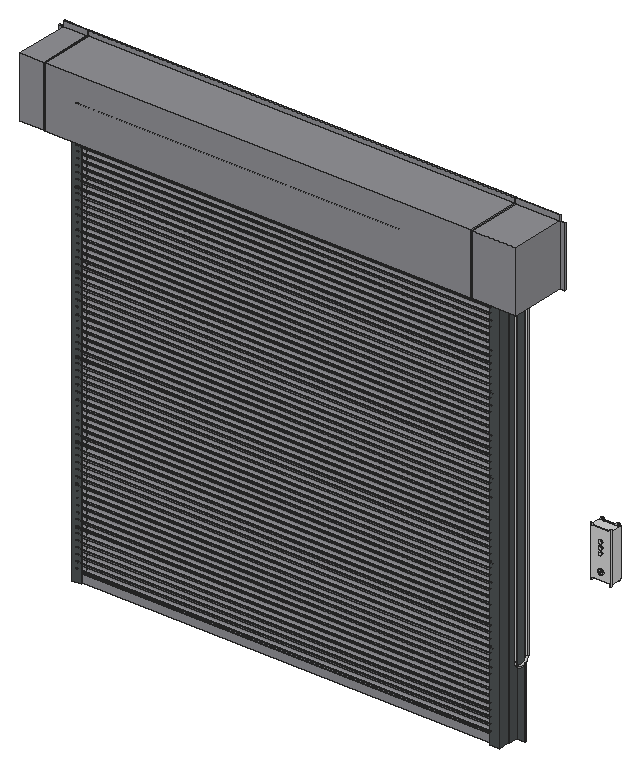
Revit family "EverServe-HD-Springless-Service-Doors_OHD_Model-610S_compact", category Specialty Equipment, host Wall, Revit 2023
Family settings
  Host = Wall
  Round Connector Dimension = Use Diameter
  Part Type = Normal
  OmniClass Number = 23.30.10.21.34
  OmniClass Title = Industrial Doors
  Enable Cutting in Views = No
  Always vertical = Yes
  Cut with Voids When Loaded = Yes
  Maintain Annotation Orientation = No
  Shared = No
  Room Calculation Point = No
Parameters (values of type "208 volts, one phase, 60 Hz (208-240V range)")
  Warning Sign [instance] = if(Calculated Area > 683.00 SF, 1 = 1, 1 = 2)  # no
  Warning (Note) [instance] = if(Warning Sign, "The Door Area is out of the limit; please adjust accordingly. The maximum allowed area is 683 sq. ft.", if(Opening Height > 360", "Headroom Clearance Dimensions - out of the limits. Consult Factory", " "))  # " "
  Wall Thickness [instance] = 6"
  Voltage = 208 V
  Version = "1.00.01"  # constant formula
  True Opening Width [instance] = Clear Width  # 120"
  True Opening Height [instance] = Clear Height  # 120"
  Slat Type [instance] = if(Slat Option < 2, "C-187", if(Slat Option = 2, "C-275", "F-265"))  # "C-187"
  Slat Option [instance] = 1
  Slat Length [instance] = Clear Width + G Value * 2 - 1" / 2 * 2  # 126"
  Slat Height [instance] = if(Slat < 2, 11 9/32", if(Slat = 2, 13 3/4", 13 19/128"))  # 11 9/32"
  Slat [instance] = if(Slat Option < 2, 1, if(Slat Option = 2, 2, 3))  # 1
  Product Page URL = "https://www.overheaddoor.com/rolling-steel-service-doors-610S"
  Power Factor = 1
  Powder Coat (Note) = "PowderGuard® Premium powder coat finish options are available in approximately 200 colors as well as custom matching to specification. PowderGuard® Textured finish, a thicker, more scratch resistant coat, is available in 11 colors providing enhanced scratch resistance as well as aiding in hiding the dirt and blemishes that often occur in commercial environments.​"  # constant formula
  Opening Width Real [instance] = if(Opening Width > Max Opening Width, Max Opening Width, if(Opening Width < Min Opening Width, Min Opening Width, Opening Width))  # 120"
  Opening Width [instance] = 120"
  Opening Height Real [instance] = if(Opening Height > Max Opening Height, Max Opening Height, if(Opening Height < Min Opening Height, Min Opening Height, Opening Height))  # 120"
  Opening Height [instance] = 120"
  One Array element [instance] = not(Array Vis)  # no
  Number of Poles = 1
  Motor Position [instance] = M Value - G Value  # 2 3/4"
  Min Opening Width [instance] = 18"  # constant formula
  Min Opening Height [instance] = 24"  # constant formula
  Max Opening Width [instance] = 360"  # constant formula
  Max Opening Height [instance] = 240"  # constant formula
  Material Finish (Note) [instance] = "Perforation availible for F-265, C-275 Slat profile. Fenestration 5/8\"x3\" availible for C-275, F-265 Slat profile. Fenestration 1\"x10\" availible for F-265 Slat profile."  # constant formula
  Material Finish [instance] = 610S : Standard - Gray
  M Value [instance] = if(or(Opening Width < 108", Opening Width = 108"), 5 3/4", if(or(Opening Width < 180", Opening Width = 180"), 6 1/4", if(or(Opening Width < 240", Opening Width = 240"), 7 1/4", 9 1/4")))  # 6 1/4"
  Installation Real [instance] = Wall Thickness  # 6"
  Hood Type [instance] = "Square Hood"  # constant formula
  Hood Offset [instance] = 4"  # constant formula
  Hood Material [instance] = Metal - Overhead Door - Gray
  Hood Height [instance] = A Value + 2"  # 18"
  Headroom Height Real [instance] = Hood Offset + Hood Height  # 22"
  Headroom Height [instance] = Headroom Height Real + 1 1/2"  # 23 1/2"
  HC 4 [instance] = if(or(Clear Height < 84", Clear Height = 84"), 16", if(or(Clear Height < 132", Clear Height = 132"), 18", if(or(Clear Height < 192", Clear Height = 192"), 20", 22")))  # 18"
  HC 3 [instance] = if(or(Clear Height < 108", Clear Height = 108"), 16", if(or(Clear Height < 168", Clear Height = 168"), 18", 20"))  # 18"
  HC 2 [instance] = if(or(Clear Height < 60", Clear Height = 60"), 14", if(or(Clear Height < 120", Clear Height = 120"), 16", if(or(Clear Height < 180", Clear Height = 180"), 18", 20")))  # 16"
  HC 1 [instance] = if(or(Clear Height < 96", Clear Height = 96"), 14", if(or(Clear Height < 168", Clear Height = 168"), 16", 18"))  # 16"
  Guide Type [instance] = "Angled Z Guide"  # constant formula
  Guid Depth [instance] = D Value  # 6 1/4"
  G Value [instance] = if(or(Opening Width < 108", Opening Width = 108"), 3", if(or(Opening Width < 180", Opening Width = 180"), 3 1/2", if(or(Opening Width < 240", Opening Width = 240"), 4", 5 9/16")))  # 3 1/2"
  Frequency = 60 Hz
  Face of Wall Offset [instance] = 5"  # constant formula
  Door Width True [instance] = Clear Width + M Value * 2  # 132 1/2"
  Door Width (Real) [instance] = Clear Width + 1"  # 121"
  Door Height True [instance] = Clear Width + Headroom Height  # 143 1/2"
  Door Height (Real) [instance] = Clear Height + Hood Offset  # 124"
  URL = "https://www.overheaddoor.com/"
  Product data url = "https://www.bimobject.com/overhead-door/product/everserve-hd-springless-service-doors-610S"
  Product Guid = "91f23364-070f-47d8-95c2-9245370eaec4"
  Model = "610S"  # constant formula
  Manufacturer = "Overhead Door Corporation"  # constant formula
  Wall Closure = By host
  Floor To (CL) of Shaft [instance] = Clear Height + Hood Height / 2 + Hood Offset  # 133"
  Finish Material = Finish - Overhead Door - Black
  Description = "Everserve Model 610S Springless service door"  # constant formula
  Default Elevation = 0"
  Date Updated = "2026/05/29"  # constant formula
  D Value [instance] = if(or(Opening Width < 108", Opening Width = 108"), 5 11/16", if(or(Opening Width < 180", Opening Width = 180"), 6 1/4", if(or(Opening Width < 240", Opening Width = 240"), 6 3/16", 7 1/16")))  # 6 1/4"
  Clear Width [instance] = Opening Width Real  # 120"
  Clear Height [instance] = Opening Height Real  # 120"
  Current = 20 A
  BimObject_Variable_Connectors = "No"  # constant formula
  Backroom Depth [instance] = A Value + 1/2"  # 16 1/2"
  BJ Displacement Real [instance] = 0"  # constant formula
  Array Vis [instance] = if(Array < 2, 1 = 2, 1 = 1)  # yes
  Array Real [instance] = if(Array < 2, 2, Array)  # 11
  Array Length [instance] = (Array) * Slat Height  # 124 3/32"
  Array [instance] = rounddown(([Door Height (Real)] - 3") / Slat Height) + 1  # 11
  Calculated Area [instance] = [Door Width (Real)] * [Door Height (Real)]  # 104.194 SF
  Apparent Load Phase 3 = if(Number of Poles = 1, 0 VA, (Voltage * Current * sqrt(3)) / 3)  # 0 VA
  Apparent Load Phase 2 = if(Number of Poles = 1, 0 VA, (Voltage * Current * sqrt(3)) / 3)  # 0 VA
  Apparent Load Phase 1 = if(Number of Poles = 1, Voltage * Current, (Voltage * Current * sqrt(3)) / 3)  # 4160 VA
  A Value [instance] = if(Slat = 1, HC 1, if(Slat = 2, HC 2, HC 3))  # 16"
Reference planes (in)
  plane 1 "Center (Front/Back)": y = -14.625
  plane 2 "Center (Left/Right)": x = 0
  plane 3 "Left": x = -60
  plane 4 "Right": x = 60
  plane 5 "Exterior": y = -8.625
  plane 6 "Interior": y = -14.625
  plane 7: x = 66.25
  plane 8: x = -66.25
  plane 9: z = 120
  plane 10 "Main": y = -20.23437
  plane 11 "Backroom Depth": y = -32.125
  plane 12 "Main Door Block": y = -15.625
  plane 13 "Bottom Bar": z = 2.75
  plane 14: y = -20.875
  plane 15: z = 126.84375
  plane 16: z = 142
  plane 17: z = 124
  plane 18: z = 143.5
  plane 19: z = 0
  plane 20: z = 60
  plane 21: y = -20.0625
  plane 22: y = 18.375
  plane 23: y = -41.625
  plane 24 "Double Main": y = -19.656
  plane 25 "Headroom Top": z = 143.5
  plane 26: z = 133
  plane 27: x = 63.5
  plane 28: x = -63.5
  plane 29: z = 115.5625
Forms (in)
  Extrusion 1, void
    sketch origin (0, -15.625, 0) x (0, 0, -1) y (-1, 0, 0)
      loop
        line (-120, 60) -> (-120, -60) -> (0, -60) -> (0, 60) -> (-120, 60)
    from 1 to 7
Text (in)
  text "Exterior" at (-74.96733, 27.31104, 0), in view "Ref. Level"
  text "Interior" at (-74.96733, -25.14366, 0), in view "Ref. Level"
  text "Exterior" at (0, 40.15149, 123.01588), in view "Right"
  text "Interior" at (0, -64.39139, 123.01588), in view "Right"
  text "Interior" at (0, -31.01599, 123.00693), in view "Left"
  text "Exterior" at (0, 54.57065, 123.00693), in view "Left"
Dimensions and locks (in)
  equal spacing: plane 3 "Left", plane 2 "Center (Left/Right)", plane 4 "Right"
  "Clear Width": plane 3 "Left" to plane 4 "Right"
  level to host wall = 459.59655"
  "Clear Height": level to plane 9
  plane 7 to plane 8 = 132 1/2"
  equal spacing: plane 7, plane 2 "Center (Left/Right)", plane 8
  locked: plane 13 "Bottom Bar" to level at 2.75
  "Door Width True": plane 7 to plane 8
  locked: plane 14 to plane 10 "Main" at 0.64063
  "Array Length": plane 15 to plane 13 "Bottom Bar"
  "Backroom Depth": plane 11 "Backroom Depth" to plane 12 "Main Door Block"
  "Hood Height": plane 16 to plane 17
  locked: plane 18 to plane 16 at 1.5
  "Installation Real": plane 1 "Center (Front/Back)" to plane 5 "Exterior"
  "Wall Thickness": host wall to host wall
  equal spacing: plane 9, plane 20, plane 19
  locked: plane 10 "Main" to plane 21 at 0.17187
  equal spacing: plane 22, host wall, plane 23
  locked: plane 22 to plane 23 at 60
  locked: plane 10 "Main" to plane 24 "Double Main" at 0.57837
  "Hood Offset": plane 17 to plane 9
  "Headroom Height": plane 25 "Headroom Top" to plane 9
  "Floor To (CL) of Shaft": plane 26 to level
  "Motor Position": plane 7 to plane 27
  "Motor Position": plane 28 to plane 8
  "Guid Depth": plane 14 to plane 1 "Center (Front/Back)"
  "Slat Height": plane 15 to plane 29
  equal spacing: group 2, group 11, group 10, group 9, group 8, group 7, group 6, group 5, group 4, group 3, group 1
  equal spacing: group 1, group 3, group 4, group 5, group 6, group 7, group 8, group 9, group 10, group 11, group 2  (x2)
  aligned and locked: plane 5 "Exterior" to host wall
  aligned and locked: host wall to plane 6 "Interior"
  aligned and locked: level to Extrusion 1 sketch curve
  aligned and locked: Extrusion 1 to plane 5 "Exterior"
  aligned and locked: plane 6 "Interior" to Extrusion 1
  aligned and locked: nested 1 to plane 2 "Center (Left/Right)"
  aligned and locked: nested 1 to level
  aligned and locked: level to plane 19
  aligned and locked: nested 1 to plane 1 "Center (Front/Back)"
  aligned and locked: plane 2 "Center (Left/Right)" to nested 2
  aligned and locked: nested 2 to plane 22
  aligned and locked: plane 23 to nested 3
  aligned and locked: nested 3 to plane 2 "Center (Left/Right)"
  aligned and locked: nested 4 to plane 20
  aligned and locked: plane 2 "Center (Left/Right)" to nested 4
  aligned and locked: plane 13 "Bottom Bar" to nested 5
  aligned and locked: plane 29 to nested 7
  aligned and locked: nested 7 to plane 21
  aligned and locked: plane 21 to nested 5
  aligned and locked: plane 13 "Bottom Bar" to nested 6
  aligned and locked: plane 21 to nested 6
  aligned and locked: nested 4 to plane 21
  aligned and locked: plane 4 "Right" to Extrusion 1 sketch curve
  aligned and locked: plane 3 "Left" to Extrusion 1 sketch curve
  aligned and locked: Extrusion 1 sketch curve to plane 9
Nested families (in)
  nested 1: "Lifts" at (0, -14.625, 0), type "Frame Unit"
    with Square Hood yes, Round Hood no, Right Motor Position yes, Octagon Hood no, No Hood no, M Value 6 1/4", Hood Offset 4", Headroom Height Real 22", G Value 3 1/2", Headroom Height 22", Guide Offset 3 1/2", Guide Z Wide 2 3/4", Floor To (CL) of Shaft 133", D Value 6 1/4"
  nested 2: "Label Annotation 1" at (0, 18.375, 0), visible <- "Warning Sign", type "Label Annotation 1"
  nested 3: "Label Annotation 1" at (0, -41.625, 0) x (-1, 0, 0) z (0, 0, 1), visible <- "Warning Sign", type "Label Annotation 1"
  nested 4: "Warning Sign" at (0, -20.0625, 60), visible <- "Warning Sign", type "Warning Sign"
    with Warning Sign no
  nested 5: "610S" at (0, -20.0625, 2.75), Slat Option <- "Slat Option", Opening Width <- "Slat Length", type <- "Material Finish", visible <- "Array Vis", type "Standard - Gray"
    with Void Offset 1", Void Height 1", Slat Width 0.53", Slat Position + Offset 12.174", Slat Position 11.28", Slat Option 1, Opening Width 126", Integrated Cutout no, F 265, FE 265 no, Cutout Width Offset 1", Cutout Vertical Offset 0.894", Cutout Horizontal Offset 1", C 275 no, C 187 Standard yes
  nested 6: "610S" at (0, -20.0625, 2.75), visible <- "One Array element", Slat Option <- "Slat Option", Opening Width <- "Slat Length", type <- "Material Finish", type "Standard - Gray"
    with Void Offset 1", Void Height 1", Slat Width 0.53", Slat Position + Offset 12.174", Slat Position 11.28", Slat Option 1, Opening Width 126", Integrated Cutout no, F 265, FE 265 no, Cutout Width Offset 1", Cutout Vertical Offset 0.894", Cutout Horizontal Offset 1", C 275 no, C 187 Standard yes
  nested 7: "610S" at (0, -20.0625, 115.5625), Slat Option <- "Slat Option", Opening Width <- "Slat Length", type <- "Material Finish", visible <- "Array Vis", type "Standard - Gray"
    with Void Offset 1", Void Height 1", Slat Width 0.53", Slat Position + Offset 12.174", Slat Position 11.28", Slat Option 1, Opening Width 126", Integrated Cutout no, F 265, FE 265 no, Cutout Width Offset 1", Cutout Vertical Offset 0.894", Cutout Horizontal Offset 1", C 275 no, C 187 Standard yes
  nested 8: "610S" at (0, -20.0625, 14.03125), Slat Option <- "Slat Option", Opening Width <- "Slat Length", type <- "Material Finish", visible <- "Array Vis", type "Standard - Gray"
    with Void Offset 1", Void Height 1", Slat Width 0.53", Slat Position + Offset 12.174", Slat Position 11.28", Slat Option 1, Opening Width 126", Integrated Cutout no, F 265, FE 265 no, Cutout Width Offset 1", Cutout Vertical Offset 0.894", Cutout Horizontal Offset 1", C 275 no, C 187 Standard yes
  nested 9: "610S" at (0, -20.0625, 25.3125), Slat Option <- "Slat Option", Opening Width <- "Slat Length", type <- "Material Finish", visible <- "Array Vis", type "Standard - Gray"
    with Void Offset 1", Void Height 1", Slat Width 0.53", Slat Position + Offset 12.174", Slat Position 11.28", Slat Option 1, Opening Width 126", Integrated Cutout no, F 265, FE 265 no, Cutout Width Offset 1", Cutout Vertical Offset 0.894", Cutout Horizontal Offset 1", C 275 no, C 187 Standard yes
  nested 10: "610S" at (0, -20.0625, 36.59375), Slat Option <- "Slat Option", Opening Width <- "Slat Length", type <- "Material Finish", visible <- "Array Vis", type "Standard - Gray"
    with Void Offset 1", Void Height 1", Slat Width 0.53", Slat Position + Offset 12.174", Slat Position 11.28", Slat Option 1, Opening Width 126", Integrated Cutout no, F 265, FE 265 no, Cutout Width Offset 1", Cutout Vertical Offset 0.894", Cutout Horizontal Offset 1", C 275 no, C 187 Standard yes
  nested 11: "610S" at (0, -20.0625, 47.875), Slat Option <- "Slat Option", Opening Width <- "Slat Length", type <- "Material Finish", visible <- "Array Vis", type "Standard - Gray"
    with Void Offset 1", Void Height 1", Slat Width 0.53", Slat Position + Offset 12.174", Slat Position 11.28", Slat Option 1, Opening Width 126", Integrated Cutout no, F 265, FE 265 no, Cutout Width Offset 1", Cutout Vertical Offset 0.894", Cutout Horizontal Offset 1", C 275 no, C 187 Standard yes
  nested 12: "610S" at (0, -20.0625, 59.15625), Slat Option <- "Slat Option", Opening Width <- "Slat Length", type <- "Material Finish", visible <- "Array Vis", type "Standard - Gray"
    with Void Offset 1", Void Height 1", Slat Width 0.53", Slat Position + Offset 12.174", Slat Position 11.28", Slat Option 1, Opening Width 126", Integrated Cutout no, F 265, FE 265 no, Cutout Width Offset 1", Cutout Vertical Offset 0.894", Cutout Horizontal Offset 1", C 275 no, C 187 Standard yes
  nested 13: "610S" at (0, -20.0625, 70.4375), Slat Option <- "Slat Option", Opening Width <- "Slat Length", type <- "Material Finish", visible <- "Array Vis", type "Standard - Gray"
    with Void Offset 1", Void Height 1", Slat Width 0.53", Slat Position + Offset 12.174", Slat Position 11.28", Slat Option 1, Opening Width 126", Integrated Cutout no, F 265, FE 265 no, Cutout Width Offset 1", Cutout Vertical Offset 0.894", Cutout Horizontal Offset 1", C 275 no, C 187 Standard yes
  nested 14: "610S" at (0, -20.0625, 81.71875), Slat Option <- "Slat Option", Opening Width <- "Slat Length", type <- "Material Finish", visible <- "Array Vis", type "Standard - Gray"
    with Void Offset 1", Void Height 1", Slat Width 0.53", Slat Position + Offset 12.174", Slat Position 11.28", Slat Option 1, Opening Width 126", Integrated Cutout no, F 265, FE 265 no, Cutout Width Offset 1", Cutout Vertical Offset 0.894", Cutout Horizontal Offset 1", C 275 no, C 187 Standard yes
  nested 15: "610S" at (0, -20.0625, 93), Slat Option <- "Slat Option", Opening Width <- "Slat Length", type <- "Material Finish", visible <- "Array Vis", type "Standard - Gray"
    with Void Offset 1", Void Height 1", Slat Width 0.53", Slat Position + Offset 12.174", Slat Position 11.28", Slat Option 1, Opening Width 126", Integrated Cutout no, F 265, FE 265 no, Cutout Width Offset 1", Cutout Vertical Offset 0.894", Cutout Horizontal Offset 1", C 275 no, C 187 Standard yes
  nested 16: "610S" at (0, -20.0625, 104.28125), Slat Option <- "Slat Option", Opening Width <- "Slat Length", type <- "Material Finish", visible <- "Array Vis", type "Standard - Gray"
    with Void Offset 1", Void Height 1", Slat Width 0.53", Slat Position + Offset 12.174", Slat Position 11.28", Slat Option 1, Opening Width 126", Integrated Cutout no, F 265, FE 265 no, Cutout Width Offset 1", Cutout Vertical Offset 0.894", Cutout Horizontal Offset 1", C 275 no, C 187 Standard yes
Connectors (in)
  electrical at (91.25, -17.915, 60), driven by "Apparent Load Phase 1", driven by "Apparent Load Phase 2", driven by "Apparent Load Phase 3", driven by "Power Factor", driven by "Voltage", driven by "Number of Poles"
    settings: on nested 1, index 1, voltage 208 V, apparent load 0 VA, apparent load phase1 4160 VA, apparent load phase2 0 VA, apparent load phase3 0 VA, power factor 1, load classification "Other", number of poles 1, system type 31, power factor state 1, is connector primary yes, connector utility no, sub classification motor no, connector description "Electrical Connector"
Definition of nested family "Lifts"
  Parameters (values of type "Frame Unit")
    True Width = if(Between Jambs, Opening Width, Opening Width + 1/2")  # 120 1/2"
    Square Hood [instance] = if(Hood Option = 2, 1 = 1, 1 = 2)  # yes
    Slat Option = 1
    Round Hood [instance] = if(Hood Option > 3, 1 = 1, 1 = 2)  # no
    Rough Width = 0"
    Rough Height = 0"
    Right Motor Position [instance] = yes
    Octagon Hood [instance] = if(Hood Option = 3, 1 = 1, 1 = 2)  # no
    No Hood [instance] = if(Hood Option < 2, 1 = 1, 1 = 2)  # no
    M Value = 7 1/2"
    Hood Type = if(Hood Option < 2, "No Hood", if(Hood Option = 2, "Square Hood", if(Hood Option = 3, "Octagon Hood", "Round Hood")))  # "Square Hood"
    Hood Option = 2
    Hood Offset = 3"
    Hood Height = Headroom Height Real - Hood Offset  # 18"
    Headroom Height Real = Headroom Height  # 21"
    Half Octagon Side = 3.41726"
    Half Hood Height = Headroom Height - Hood Offset  # 18"
    G Value = 4 1/2"
    E Guide Width = if(Between Jambs, Guide Offset - G Value + BJ Connection Length - BJ Displacement * 2 / 3, 3")  # 3"
    E Guide Height = 3"  # constant formula
    Z Guide = 1 = 1  # yes
    Slat Material = none
    Shaft Offset = if(Hood Height < Header Width, (Header Width - (Header Width - Hood Height)) / 2, Header Width / 2)  # 8 1/4"
    Shaft Material = none
    Shaft Length 2 = 18"  # constant formula
    Shaft Length 1 = 12"  # constant formula
    Setback = if(Between Jambs, 0", 1/2")  # 1/2"
    Opening Width = 120"
    Hood Material = none
    Headroom Height = 21"
    Header Width = 16 1/2"
    Opening Height = 120"
    Guide Type = if(Between Jambs, "Angled Between Jambs Z Guide", if(Guide Option > 1, "Angled Z Guide", "Angled E Guide"))  # "Angled Z Guide"
    Guide Option = if(Between Jambs, 1, 2)  # 2
    Guide Offset = BJ Displacement + G Value  # 4 1/2"
    Guide Z Wide = if(Between Jambs, Guide Offset - G Value + BJ Connection Length - BJ Displacement * 2 / 3, M Value - G Value)  # 3"
    Guide Z Height = 3"  # constant formula
    Floor To (CL) of Shaft = 132"
    Finish Material = none
    Face to Wall Mount = not(Between Jambs)  # yes
    E Guide = if(Between Jambs, 1 = 1, 1 = 2)  # no
    Default Elevation = 0"
    D Value = 5 3/16"
    Chain offset = if(Opening Height < 35", Opening Height - 5", 30")  # 30"
    Between Jambs = no
    BJ Position = if(Between Jambs, 1/4", 0")  # 0"
    BJ Displacement = 0"
    BJ Connection Length = 1 / 3 * BJ Displacement  # 0"
    Angled Guide = 1 = 1  # yes
    1 = 14.57"
  Reference planes (in)
    plane 1 "Center (Front/Back)": y = 0
    plane 2: z = 0
    plane 3 "Center (Left/Right)": x = 0
    plane 4 "Opening Height": z = 120
    plane 5: x = -72
    plane 6: x = 78
    plane 7: z = 141
    plane 8: y = 16.5
    plane 9 "Real Opening 2": x = -60
    plane 10 "Real Opening 1": x = 60
    plane 11: z = 123
    plane 12 "Main": y = 0
    plane 13: z = 132
    plane 14: x = 64.5
    plane 15: x = -64.5
    plane 16: x = -64.5
    plane 17: x = 64.5
    plane 18: y = 5.1875
    plane 19: x = -64.25
    plane 20: x = 64.25
    plane 21: z = 142.5
    plane 22: y = 5.1875
    plane 23: y = 4.0625
    plane 24: y = 5.1875
    plane 25: y = 4.0625
    plane 26: y = 0.25
    plane 27: z = 123
    plane 28: z = 30
    plane 29: z = 0
    plane 30: x = 74
    plane 31: x = 92.25
    plane 32: z = 60
    plane 33: x = 89.2
    plane 34: x = 95.3
    plane 35: y = 3.54
    plane 36: x = 76.25
    plane 37: x = -70.25
  Forms (in)
    Extrusion 1, solid, material <- "Slat Material"
      sketch origin (0, 0, 0) x (0, 1, 0) y (0, 0, 1)
        loop
          line (4.375, 2.375) -> (4.375, 2.75) -> (3.75, 2.75) -> (3.75, 2.375) -> (4.375, 2.375)
      from -64.25 to 64.25
    Extrusion 2, solid, material <- "Slat Material"
      sketch origin (0, 0, 0) x (0, 1, 0) y (0, 0, 1)
        loop
          line (4.375, 2.375) -> (3.75, 2.375) -> (3.75, 0) -> (4.375, 0) -> (4.375, 2.375)
      from -64.25 to 64.25
    Extrusion 3, solid, material <- "Shaft Material"
      sketch origin (0, -5.35201, 0) x (0, 1, 0) y (0, 0, 1)
        loop
          circle (13.60201, 132) r 0.6
      from -70.25 to 76.25
    Extrusion 4, solid, material <- "Hood Material", visible <- "Square Hood"
      sketch origin (0, 0, 0) x (0, 1, 0) y (0, 0, 1)
        loop
          line (0, 123) -> (16.5, 123) -> (16.5, 142.5) -> (0, 142.5) -> (0, 123)
      from -64.25 to 64.25
    Extrusion 5, solid, material <- "Finish Material", visible <- "E Guide"
      sketch origin (0, 0, 0) x (1, 0, 0) y (0, 1, 0)
        loop
          line (61.5, 0) -> (64.5, 0) -> (64.5, 3) -> (64.4375, 3)
          arc (64.4375, 3) -> (64.30492, 2.94508) -> (64.25, 2.8125) r 0.1875
          line (64.25, 2.8125) -> (64.25, 0.25) -> (61.6875, 0.25)
          arc (61.6875, 0.25) -> (61.55492, 0.19508) -> (61.5, 0.0625) r 0.1875
          line (61.5, 0.0625) -> (61.5, 0)
        loop
          line (-61.5, 0) -> (-61.5, 0.0625)
          arc (-61.5, 0.0625) -> (-61.55492, 0.19508) -> (-61.6875, 0.25) r 0.1875
          line (-61.6875, 0.25) -> (-64.25, 0.25) -> (-64.25, 2.8125)
          arc (-64.25, 2.8125) -> (-64.30492, 2.94508) -> (-64.4375, 3) r 0.1875
          line (-64.4375, 3) -> (-64.5, 3) -> (-64.5, 0) -> (-61.5, 0)
      from 0 to 123
    Extrusion 6, solid, material <- "Finish Material", visible <- "Z Guide"
      sketch origin (0, 0, 0) x (1, 0, 0) y (0, 1, 0)
        loop
          line (67.5, 0) -> (67.5, 0.062)
          arc (67.5, 0.062) -> (67.44494, 0.19494) -> (67.312, 0.25) r 0.188
          line (67.312, 0.25) -> (64.75, 0.25) -> (64.75, 2.812)
          arc (64.75, 2.812) -> (64.69494, 2.94494) -> (64.562, 3) r 0.188
          line (64.562, 3) -> (64.5, 3) -> (64.5, 0) -> (67.5, 0)
        loop
          line (-67.5, 0) -> (-64.5, 0) -> (-64.5, 3) -> (-64.562, 3)
          arc (-64.562, 3) -> (-64.69494, 2.94494) -> (-64.75, 2.812) r 0.188
          line (-64.75, 2.812) -> (-64.75, 0.25) -> (-67.312, 0.25)
          arc (-67.312, 0.25) -> (-67.44494, 0.19494) -> (-67.5, 0.062) r 0.188
          line (-67.5, 0.062) -> (-67.5, 0)
      from 0 to 123
    Extrusion 7, solid, material <- "Finish Material", visible <- "Angled Guide"
      sketch origin (0, 0, 0) x (1, 0, 0) y (0, 1, 0)
        loop
          line (60.5, 5.1875) -> (60.5, 5.1245)
          arc (60.5, 5.1245) -> (60.55477, 4.99227) -> (60.687, 4.9375) r 0.187
          line (60.687, 4.9375) -> (64.25, 4.9375) -> (64.25, 3.1875) -> (60.5, 3.1875) -> (60.5, 3.1245)
          arc (60.5, 3.1245) -> (60.55477, 2.99227) -> (60.687, 2.9375) r 0.187
          line (60.687, 2.9375) -> (64, 2.9375) -> (64, 1.25) -> (64.25, 1.25) -> (64.25, 0.9375) -> (64.5, 0.9375) -> (64.5, 5.1875) -> (60.5, 5.1875)
        loop
          line (-60.5, 5.1875) -> (-64.5, 5.1875) -> (-64.5, 0.9375) -> (-64.25, 0.9375) -> (-64.25, 1.25) -> (-64, 1.25) -> (-64, 2.9375) -> (-60.687, 2.9375)
          arc (-60.687, 2.9375) -> (-60.55477, 2.99227) -> (-60.5, 3.1245) r 0.187
          line (-60.5, 3.1245) -> (-60.5, 3.1875) -> (-64.25, 3.1875) -> (-64.25, 4.9375) -> (-60.687, 4.9375)
          arc (-60.687, 4.9375) -> (-60.55477, 4.99227) -> (-60.5, 5.1245) r 0.187
          line (-60.5, 5.1245) -> (-60.5, 5.1875)
      from 0 to 123
    Extrusion 8, solid, material <- "Hood Material"
      sketch origin (0, 0, 0) x (-1, 0, 0) y (0, 0, 1)
        loop
          line (64.25, 123) -> (64.5, 123) -> (64.5, 141) -> (64.25, 141) -> (64.25, 123)
        loop
          line (-64.5, 123) -> (-64.25, 123) -> (-64.25, 141) -> (-64.5, 141) -> (-64.5, 123)
      from 0 to 16.5
    Extrusion 9, solid, material <- "Hood Material"
      sketch origin (0, 0, 0) x (1, 0, 0) y (0, 1, 0)
        loop
          line (-72, 0) -> (-64.5, 0) -> (-64.5, 16.5) -> (-72, 16.5) -> (-72, 0)
        loop
          line (78, 0) -> (78, 16.5) -> (64.5, 16.5) -> (64.5, 0) -> (78, 0)
      from 123 to 142.5
    Extrusion 10, void
      sketch origin (0, 0, 0) x (1, 0, 0) y (0, 0, 1)
        loop
          line (-72, 142.5) -> (-72, 123) -> (-70.5, 123) -> (-70.5, 141) -> (76.5, 141) -> (76.5, 120) -> (78, 120) -> (78, 142.5) -> (-72, 142.5)
      from -0.25 to -16.5
    Extrusion 11, void
      sketch origin (0, 0, 0) x (1, 0, 0) y (0, 0, 1)
        loop
          line (-72, 141) -> (-70.5, 141) -> (-70.5, 142.5) -> (-72, 142.5) -> (-72, 141)
        loop
          line (78, 141) -> (78, 142.5) -> (76.5, 142.5) -> (76.5, 141) -> (78, 141)
      from 0 to -0.25
    Sweep 12, solid
      path origin (74, -12.75, 1000) x (0, -1, 0) y (0, 0, 1)
        loop
          line (-26.53866, -877) -> (-26.53866, -970)
          arc (-26.53866, -970) -> (-24.10116, -972.4375) -> (-21.66366, -970) r 2.4375
          line (-21.66366, -970) -> (-21.66366, -877)
      profile origin (74, 13.78866, 76.5) x (-1, 0, 0) y (0, -1, 0)
        loop
          circle (0, 0.2675) r 0.2675
    Extrusion 13, solid
      sketch origin (92.25, 0, 60) x (1, 0, 0) y (0, 0, 1)
        loop
          line (-3.05, 6.9501) -> (-3.05, -6.9501) -> (-2.68608, -7.50057)
          arc (-2.68608, -7.50057) -> (-2.29289, -7.67009) -> (-1.98022, -7.37757) r 0.3909
          arc (-1.98022, -7.37757) -> (-1.82768, -7.14063) -> (-1.56135, -7.04853) r 0.43113
          line (-1.56135, -7.04853) -> (1.56135, -7.04853)
          arc (1.56135, -7.04853) -> (1.82768, -7.14063) -> (1.98022, -7.37757) r 0.43113
          arc (1.98022, -7.37757) -> (2.29289, -7.67009) -> (2.68608, -7.50057) r 0.3909
          line (2.68608, -7.50057) -> (3.05, -6.9501) -> (3.05, 6.9501) -> (2.68608, 7.50057)
          arc (2.68608, 7.50057) -> (2.29289, 7.67009) -> (1.98022, 7.37757) r 0.3909
          arc (1.98022, 7.37757) -> (1.82768, 7.14063) -> (1.56135, 7.04853) r 0.43113
          line (1.56135, 7.04853) -> (-1.56135, 7.04853)
          arc (-1.56135, 7.04853) -> (-1.82768, 7.14063) -> (-1.98022, 7.37757) r 0.43113
          arc (-1.98022, 7.37757) -> (-2.29289, 7.67009) -> (-2.68608, 7.50057) r 0.3909
          line (-2.68608, 7.50057) -> (-3.05, 6.9501)
      from 0 to -3.29
    Extrusion 14, solid
      sketch origin (92.25, 0, 60) x (1, 0, 0) y (0, 0, 1)
        loop
          line (3.05, -7.50057) -> (3.05, 7.50057) -> (2.68608, 7.50057) -> (2.68608, 6.9501) -> (-2.68608, 6.9501) -> (-2.68608, 7.50057) -> (-3.05, 7.50057) -> (-3.05, -7.50057) -> (-2.68608, -7.50057) -> (-2.68608, -6.9501) -> (2.68608, -6.9501) -> (2.68608, -7.50057) -> (3.05, -7.50057)
      from -3.54 to -3.29
    Extrusion 15, void
      sketch origin (101.25, 0, 60) x (0, -1, 0) y (0, 0, -1)
        loop
          line (-3.29, -7.6759) -> (-0.25, -7.6759) -> (-0.25, -6.9501) -> (-3.29, -6.9501) -> (-3.29, -7.6759)
        loop
          line (-3.29, 7.6759) -> (-3.29, 6.9501) -> (-0.25, 6.9501) -> (-0.25, 7.6759) -> (-3.29, 7.6759)
      from -12.05 to -5.95
    Extrusion 16, solid
      sketch origin (92.25, 0, 60) x (1, 0, 0) y (0, 0, 1)
        loop
          circle (0, -4.5) r 0.75
        loop
          circle (0, 3.35363) r 0.5
        loop
          circle (0, 1.85363) r 0.5
        loop
          circle (0, 0.35363) r 0.5
      from -3.54 to -3.66
    Extrusion 17, solid
      sketch origin (92.25, 0, 59.5) x (1, 0, 0) y (0, 0, 1)
        loop
          line (-0.6134, -3.85528) -> (-0.6134, -4.14472) -> (1.1366, -4.14472) -> (1.1366, -3.85528) -> (-0.6134, -3.85528)
      from -3.66 to -4.03743
  Cuts and joins
    Extrusion 10, Extrusion 11 cuts Extrusion 9
    Extrusion 10 cuts Extrusion 4
    Extrusion 15 cuts Extrusion 13
  Lines and regions (in)
    Masking region 1
      outline origin (0, 0, 0) x (1, 0, 0) y (0, 1, 0)
        loop
          line (-64.5, 16.5) -> (-64.5, 0) -> (64.5, 0) -> (64.5, 16.5) -> (-64.5, 16.5)
    Masking region 2
      outline origin (0, 0, 0) x (1, 0, 0) y (0, 1, 0)
        loop
          line (64.5, 0) -> (78, 0) -> (78, 0.25) -> (76.5, 0.25) -> (76.5, 16.5) -> (64.5, 16.5) -> (64.5, 0)
        loop
          line (-64.5, 0) -> (-64.5, 16.5) -> (-70.5, 16.5) -> (-70.5, 0.25) -> (-72, 0.25) -> (-72, 0) -> (-64.5, 0)
    Masking region 3
      outline origin (0, 0, 0) x (1, 0, 0) y (0, 1, 0)
        loop
          line (89.2, 3.54) -> (89.2, 0) -> (95.3, 0) -> (95.3, 3.54) -> (89.2, 3.54)
    Masking region 4
      outline origin (92.25, 0, 60) x (0, -1, 0) y (1, 0, 0)
        loop
          line (-3.54, -0.75) -> (-3.54, 0.75) -> (-3.66, 0.75) -> (-3.66, 1.1366) -> (-4.03743, 1.1366) -> (-4.03743, -0.6134) -> (-3.66, -0.6134) -> (-3.66, -0.75) -> (-3.54, -0.75)
    symbolic lines
      curve 1: line (-64.25, 0, 0) -> (-64.25, 16.5, 0)
      curve 2: line (64.25, 16.5, 0) -> (64.25, 0, 0)
      curve 4: line (-72, 0.25, 0) -> (78, 0.25, 0)
      curve 6: line (89.2, 3.29, 0) -> (95.3, 3.29, 0)
      curve 7: line (89.2, 0.25, 0) -> (95.3, 0.25, 0)
      curve 8: line (91.5, 3.66, 60) -> (93.3866, 3.66, 60)
    symbolic lines, visible <- "Octagon Hood"
      curve 3: line (-64.25, 12.69239, 0) -> (64.25, 12.69239, 0)
    reference lines
      curve 5: line (92.25, 0, 60) -> (101.25, 0, 60)
  Dimensions and locks (in)
    Extrusion 1 sketch curve to level = 2 3/8"
    locked: Extrusion 1 sketch curve to Extrusion 1 sketch curve at 0.625
    locked: Extrusion 2 sketch curve to level at 2.375
    "Headroom Height Real": plane 7 to plane 4 "Opening Height"
    plane 8 to plane 1 "Center (Front/Back)" = 16 1/2"
    "Opening Height": plane 4 "Opening Height" to level
    "Hood Offset": plane 11 to plane 4 "Opening Height"
    "BJ Position": plane 12 "Main" to plane 1 "Center (Front/Back)"
    "Header Width": plane 12 "Main" to plane 8
    "Floor To (CL) of Shaft": plane 13 to level
    "Shaft Offset": Extrusion 3 sketch curve to plane 8
    locked: Extrusion 2 sketch curve to Extrusion 2 sketch curve at 0.625
    "Guide Offset": plane 10 "Real Opening 1" to plane 14
    "Guide Offset": plane 15 to plane 9 "Real Opening 2"
    locked: Extrusion 5 sketch curve to Extrusion 5 sketch curve at 0.25  (x4)
    "E Guide Height": Extrusion 5 sketch curve to Extrusion 5 sketch curve  (x2)
    "E Guide Width": Extrusion 5 sketch curve to Extrusion 5 sketch curve  (x2)
    locked: Extrusion 6 sketch curve to Extrusion 6 sketch curve at 0.25  (x4)
    "Guide Z Wide": Extrusion 6 sketch curve to Extrusion 6 sketch curve  (x2)
    "Guide Z Height": Extrusion 6 sketch curve to Extrusion 6 sketch curve  (x2)
    locked: Extrusion 7 sketch curve to Extrusion 7 sketch curve at 0.25  (x8)
    locked: Extrusion 7 sketch curve to Extrusion 7 sketch curve at 2.25  (x2)
    locked: Extrusion 7 sketch curve to Extrusion 7 sketch curve at 4.25  (x2)
    locked: Extrusion 7 sketch curve to Extrusion 7 sketch curve at 0.3125  (x2)
    "Setback": plane 10 "Real Opening 1" to Extrusion 7 sketch curve
    "Setback": Extrusion 7 sketch curve to plane 9 "Real Opening 2"
    equal spacing: plane 15, plane 3 "Center (Left/Right)", plane 14
    "G Value": Extrusion 6 sketch curve to plane 9 "Real Opening 2"
    "G Value": plane 10 "Real Opening 1" to Extrusion 6 sketch curve
    "G Value": plane 10 "Real Opening 1" to plane 17
    "G Value": plane 16 to plane 9 "Real Opening 2"
    "Shaft Length 1": plane 5 to plane 9 "Real Opening 2"
    "Shaft Length 2": plane 6 to plane 10 "Real Opening 1"
    locked: Extrusion 2 to plane 17 at 0.25
    locked: Extrusion 2 to plane 16 at 0.25
    locked: plane 16 to plane 19 at 0.25
    locked: plane 20 to plane 17 at 0.25
    equal spacing: plane 9 "Real Opening 2", plane 3 "Center (Left/Right)", plane 10 "Real Opening 1"
    "Opening Width": plane 9 "Real Opening 2" to plane 10 "Real Opening 1"
    locked: plane 21 to plane 7 at 1.5
    "D Value": plane 1 "Center (Front/Back)" to plane 18
    "D Value": plane 22 to plane 1 "Center (Front/Back)"
    locked: plane 22 to plane 23 at 1.125
    equal spacing: Extrusion 1 sketch curve, plane 23, Extrusion 1 sketch curve
    "D Value": plane 24 to plane 1 "Center (Front/Back)"
    locked: plane 24 to plane 25 at 1.125
    equal spacing: Extrusion 2 sketch curve, plane 25, Extrusion 2 sketch curve
    "G Value": plane 10 "Real Opening 1" to Extrusion 7 sketch curve
    "G Value": Extrusion 7 sketch curve to plane 9 "Real Opening 2"
    locked: Extrusion 10 sketch curve to Extrusion 10 sketch curve at 1.5  (x2)
    locked: plane 26 to plane 12 "Main" at 0.25
    locked: Extrusion 11 sketch curve to Extrusion 11 sketch curve at 1.5  (x2)
    "Chain offset": plane 28 to plane 29
    locked: plane 30 to plane 6 at 4
    locked: plane 20 to plane 31 at 28
    locked: plane 32 to level at 60
    locked: curve 5 to curve 5 at 9
    plane 1 "Center (Front/Back)" to plane 35 = 3.54"
    equal spacing: plane 33, plane 31, plane 34
    locked: plane 33 to plane 34 at 6.1
    locked: plane 5 to plane 37 at 1.75
    locked: plane 36 to plane 6 at 1.75
    radius of Extrusion 5 sketch curve = 3/16"  (x4)
    radius of Extrusion 6 sketch curve = 0.188"  (x4)
    locked: Extrusion 7 sketch curve to Extrusion 7 sketch curve (radius 0.187")  (x4)
    aligned and locked: plane 2 to level
    aligned and locked: Extrusion 4 sketch curve to plane 8
    aligned and locked: plane 13 to Extrusion 3 sketch curve
    aligned and locked: plane 12 "Main" to Extrusion 5 sketch curve  (x2)
    aligned and locked: Extrusion 5 sketch curve to plane 14
    aligned and locked: plane 15 to Extrusion 5 sketch curve
    aligned and locked: Extrusion 6 sketch curve to plane 1 "Center (Front/Back)"  (x2)
    aligned and locked: Extrusion 7 sketch curve to Extrusion 7 sketch curve  (x4)
    aligned and locked: plane 18 to Extrusion 7 sketch curve
    aligned and locked: Extrusion 7 sketch curve to plane 18
    aligned and locked: plane 12 "Main" to Extrusion 4 sketch curve
    aligned and locked: Extrusion 8 sketch curve to plane 11  (x2)
    aligned and locked: Extrusion 8 sketch curve to plane 7  (x2)
    aligned and locked: plane 16 to Extrusion 8 sketch curve
    aligned and locked: Extrusion 8 sketch curve to plane 17
    aligned and locked: Masking region 1 sketch curve to Extrusion 4
    aligned and locked: Masking region 1 to curve 2  (x2)
    aligned and locked: Masking region 1 to curve 1  (x2)
    aligned and locked: Extrusion 2 to Extrusion 1
    aligned and locked: Extrusion 1 to Extrusion 2
    aligned and locked: Masking region 1 to plane 16
    aligned and locked: Masking region 1 to plane 17
    aligned and locked: plane 19 to Extrusion 8 sketch curve
    aligned and locked: plane 20 to Extrusion 8 sketch curve
    aligned and locked: plane 19 to Extrusion 4
    aligned and locked: Extrusion 4 to plane 20
    aligned and locked: plane 8 to Extrusion 8
    aligned and locked: plane 19 to curve 3
    aligned and locked: plane 20 to curve 3
    aligned and locked: Extrusion 4 sketch curve to plane 11
    aligned and locked: Extrusion 6 to plane 11
    aligned and locked: plane 11 to Extrusion 5
    aligned and locked: plane 11 to Extrusion 7
    aligned and locked: Extrusion 9 sketch curve to plane 5
    aligned and locked: plane 16 to Extrusion 9 sketch curve
    aligned and locked: plane 1 "Center (Front/Back)" to Extrusion 9 sketch curve
    aligned and locked: Extrusion 9 sketch curve to plane 8  (x2)
    aligned and locked: Extrusion 9 sketch curve to plane 6
    aligned and locked: Extrusion 9 sketch curve to plane 14
    aligned and locked: Extrusion 9 sketch curve to plane 1 "Center (Front/Back)"
    aligned and locked: Extrusion 9 to plane 11
    aligned and locked: Extrusion 9 to plane 21
    aligned and locked: Extrusion 10 sketch curve to plane 21
    aligned and locked: Extrusion 10 sketch curve to plane 7
    aligned and locked: Extrusion 10 sketch curve to plane 5
    aligned and locked: Extrusion 10 sketch curve to plane 6
    aligned and locked: Extrusion 10 sketch curve to plane 11
    aligned and locked: Extrusion 10 sketch curve to plane 4 "Opening Height"
    aligned and locked: Extrusion 10 to plane 8
    aligned and locked: Extrusion 10 to plane 26
    aligned and locked: Extrusion 4 sketch curve to plane 21
    aligned and locked: Extrusion 11 sketch curve to plane 5
    aligned and locked: Extrusion 11 sketch curve to plane 6
    aligned and locked: Extrusion 11 sketch curve to plane 7
    aligned and locked: Extrusion 11 sketch curve to plane 21
    aligned and locked: plane 21 to Extrusion 11 sketch curve
    aligned and locked: plane 7 to Extrusion 11 sketch curve
    aligned and locked: plane 26 to Extrusion 11
    aligned and locked: Extrusion 11 to plane 1 "Center (Front/Back)"
    aligned and locked: Masking region 2 sketch curve to plane 14
    aligned and locked: Masking region 2 sketch curve to cut or joined group of Extrusion 9, Extrusion 10, Extrusion 11  (x5)
    aligned and locked: cut or joined group of Extrusion 9, Extrusion 10, Extrusion 11 to Masking region 2 sketch curve
    aligned and locked: Masking region 2 sketch curve to plane 6
    aligned and locked: plane 16 to Masking region 2 sketch curve
    aligned and locked: Masking region 2 sketch curve to plane 26
    aligned and locked: Masking region 2 sketch curve to plane 5
    aligned and locked: plane 1 "Center (Front/Back)" to Masking region 2 sketch curve
    aligned and locked: curve 4 to plane 26
    aligned and locked: plane 5 to curve 4
    aligned and locked: plane 27 to Sweep 12 sketch curve  (x2)
    aligned and locked: plane 28 to Sweep 12 sketch curve  (x2)
    aligned and locked: plane 11 to plane 27
    aligned and locked: level to plane 29
    aligned and locked: plane 31 to curve 5
    aligned and locked: curve 5 to plane 32
    aligned and locked: Extrusion 3 to plane 36
    aligned and locked: plane 37 to Extrusion 3
    aligned and locked: plane 35 to Masking region 3
    aligned and locked: plane 1 "Center (Front/Back)" to Extrusion 13
    aligned and locked: Extrusion 13 sketch curve to plane 34
    aligned and locked: Extrusion 13 sketch curve to plane 33
    aligned and locked: plane 34 to Masking region 3 sketch curve
    aligned and locked: Masking region 3 sketch curve to plane 33
    aligned and locked: Masking region 3 sketch curve to plane 35
    aligned and locked: plane 33 to Extrusion 15
    aligned and locked: Extrusion 15 to plane 34
    aligned and locked: plane 33 to curve 6
    aligned and locked: plane 34 to curve 6
    aligned and locked: plane 33 to curve 7
    aligned and locked: plane 34 to curve 7
  Automatic sketch dimensions
    Extrusion 14 sketch curve to curve 5 = 3.05"
    Extrusion 14 sketch curve to Extrusion 14 sketch curve = 0.36392"  (x4)
    curve 5 to Extrusion 14 sketch curve = 2.68608"
    Extrusion 14 sketch curve to curve 5 = 7.50057"
    Extrusion 14 sketch curve to Extrusion 14 sketch curve = 0.55048"  (x4)
    curve 5 to Extrusion 14 sketch curve = 6.9501"
    Masking region 1 sketch curve to plane 1 "Center (Front/Back)" = 0"
    Masking region 1 sketch curve to plane 15 = 0"
    Masking region 1 sketch curve to plane 14 = 0"
    Sweep 12 sketch curve to plane 8 = 2.71134"
    Sweep 12 sketch curve to Sweep 12 sketch curve = 2 7/16"
    Sweep 12 sketch curve to profile plane = 0"
    Sweep 12 sketch curve to profile plane = 0.2675"
    Extrusion 13 sketch curve to Extrusion 13 sketch curve = 0.36392"  (x2)
    Extrusion 13 sketch curve to Extrusion 13 sketch curve = 0.32608"  (x4)
    Extrusion 13 sketch curve to Extrusion 13 sketch curve = 0.79865"  (x2)
    Extrusion 13 sketch curve to Extrusion 13 sketch curve = 1.48865"
    curve 5 to Extrusion 13 sketch curve = 1.56135"
    Extrusion 13 sketch curve to Extrusion 13 sketch curve = 0.69"  (x2)
    Extrusion 13 sketch curve to curve 5 = 7.50057"  (x2)
    Extrusion 13 sketch curve to Extrusion 13 sketch curve = 0.0209"  (x2)
    Extrusion 13 sketch curve to Extrusion 13 sketch curve = 0.21557"  (x4)
    Extrusion 13 sketch curve to Extrusion 13 sketch curve = 0.43113"  (x3)
    Extrusion 13 sketch curve to Extrusion 13 sketch curve = 0.55048"  (x2)
    curve 5 to Extrusion 13 sketch curve = 6.9501"  (x2)
    Extrusion 13 sketch curve to Extrusion 13 sketch curve = 0.09844"
    Extrusion 13 sketch curve to Extrusion 13 sketch curve = 0.3349"  (x2)
    Extrusion 15 sketch curve to plane 26 = 0"  (x2)
    Extrusion 15 sketch curve to plane 35 = 1/4"  (x2)
    plane 32 to Extrusion 15 sketch curve = 7.6759"
    Extrusion 15 sketch curve to Extrusion 15 sketch curve = 0.7258"  (x2)
    Extrusion 15 sketch curve to plane 32 = 6.9501"
    Extrusion 17 sketch curve to curve 5 = 0.6134"
    curve 5 to Extrusion 17 sketch curve = 1.1366"
    Extrusion 17 sketch curve to curve 5 = 4.64472"
    Extrusion 17 sketch curve to Extrusion 17 sketch curve = 0.28943"
    Extrusion 16 sketch curve to curve 5 = 0"  (x3)
    curve 5 to Extrusion 16 sketch curve = 0"
    curve 5 to Extrusion 16 sketch curve = 0.35363"
    curve 5 to Extrusion 16 sketch curve = 1.85363"
    curve 5 to Extrusion 16 sketch curve = 3.35363"
    Extrusion 16 sketch curve to curve 5 = 4 1/2"
    plane 1 "Center (Front/Back)" to Masking region 3 sketch curve = 0"
    curve 4 to plane 6 = 0"
    curve 7 to plane 26 = 0"
    curve 6 to plane 35 = 1/4"
    curve 3 to curve 1 = 3.80761"
    Masking region 4 sketch curve to curve 5 = 4.03743"
    Masking region 4 sketch curve to Masking region 4 sketch curve = 0.37743"
    Masking region 4 sketch curve to curve 5 = 3/4"
    Masking region 4 sketch curve to Masking region 4 sketch curve = 0.1366"
    curve 5 to Masking region 4 sketch curve = 3/4"
    Masking region 4 sketch curve to Masking region 4 sketch curve = 0.3866"
    Masking region 4 sketch curve to Masking region 4 sketch curve = 0.12"  (x2)
    curve 8 to curve 5 = 3.66"
    curve 8 to curve 5 = 3/4"
    curve 5 to curve 8 = 1.1366"
    Extrusion 1 sketch curve to Extrusion 1 sketch curve = 3/8"
    Extrusion 2 sketch curve to level = 0"
    radius of Extrusion 3 sketch curve = 0.6"
    radius of Sweep 12 sketch curve = 0.2675"
    radius of Extrusion 16 sketch curve = 3/4"
    radius of Extrusion 16 sketch curve = 1/2"  (x3)
Definition of nested family "610S"
  Parameters (values of type "Perforated - Gray")
    Void Offset [instance] = if(Integrated Cutout, 0", 1")  # 1"
    Void Height [instance] = if(and(C 275, Perforation), 1.155", if(and([F 265, FE 265], Perforation), 2.3", 1"))  # 1"
    Standard = no
    Slat Width [instance] = if(Slat Option < 2, 0.53", if(Slat Option = 2, 0.88", 0.63"))  # 0.53"
    Slat Position + Offset [instance] = Slat Position + Cutout Vertical Offset  # 12.174"
    Slat Position [instance] = if(Slat Option < 2, 1.88" * 6, if(Slat Option = 2, 2 3/4" * 5, 2.63" * 5))  # 11.28"
    Slat Option [instance] = 1
    Rough Height = 0"
    Perforation = yes
    Fenestration Small = no
    Fenestration Large = no
    Cutout Width Offset [instance] = 1"  # constant formula
    Cutout Material 2 = none
    Cutout Horizontal Offset [instance] = if(Slat Option = 2, 0.847", 1")  # 1"
    Cutout Material = none
    Panel Material = none
    Opening Width [instance] = 123 5/8"
    Cutout Vertical Offset [instance] = if(Slat Option = 2, 1.59", 0.894")  # 0.894"
    F 265, FE 265 [instance] = if(Slat Option > 2, 1 = 1, 1 = 2)  # no
    Default Elevation = 48"
    Integrated Cutout [instance] = if(and(or(Perforation, Fenestration Small), Slat Option > 1), 1 = 1, if(and(Fenestration Large, Slat Option > 2), 1 = 1, 1 = 2))  # no
    C 275 [instance] = if(Slat Option = 2, 1 = 1, 1 = 2)  # no
    C 187 Standard [instance] = if(Slat Option < 2, 1 = 1, 1 = 2)  # yes
    Analytic Construction = "<None>"
  Types (13): name | Standard | Perforation | Fenestration Small | Fenestration Large
    Standard - White | yes | no | no | no
    Standard - Tan | yes | no | no | no
    Standard - Brown | yes | no | no | no
    Standard - Gray | yes | no | no | no
    Perforated - Gray | no | yes | no | no
    Fenestration Small - White | no | no | yes | no
    Fenestration Small - Tan | no | no | yes | no
    Fenestration Small - Gray | no | no | yes | no
    Fenestration Small - Brown | no | no | yes | no
    Fenestration Large - Brown | no | no | no | yes
    Fenestration Large - White | no | no | no | yes
    Fenestration Large - Tan | no | no | no | yes
    Fenestration Large - Gray | no | no | no | yes
  Reference planes (in)
    plane 1 "Center (Front/Back)": y = 0
    plane 2: z = 0
    plane 3 "Center (Left/Right)": x = 0
    plane 4: x = -61.8125
    plane 5: x = 61.8125
    plane 6: y = 0.53
    plane 7: y = 0
    plane 8: y = 0.265
    plane 9: y = 0.5
    plane 10: x = -60.8125
    plane 11: x = 60.8125
  Forms (in)
    Extrusion 1, solid, material <- "Panel Material", visible <- "C 187 Standard"
      sketch origin (0, -4.98186, 11.30942) x (0, 1, 0) y (0, 0, 1)
        loop
          arc (5.13374, -0.19852) -> (5.22413, 0.04375) -> (4.98186, -0.04664) r 0.14213
          arc (4.98186, -0.04664) -> (5.00563, -0.16042) -> (5.08572, -0.24466) r 0.21243
          arc (5.08572, -0.24466) -> (5.4383, -0.89756) -> (5.02595, -1.51447) r 0.71901
          arc (5.02595, -1.51447) -> (4.97908, -1.58828) -> (5.02595, -1.6621) r 0.08156
          arc (5.02595, -1.6621) -> (5.11263, -1.7164) -> (5.18387, -1.78979) r 0.42621
          arc (5.18387, -1.78979) -> (4.98591, -1.90085) -> (5.06579, -2.11331) r 0.17419
          arc (5.06579, -2.11331) -> (5.43875, -2.76611) -> (5.02595, -3.39447) r 0.71901
          arc (5.02595, -3.39447) -> (4.97908, -3.46828) -> (5.02595, -3.5421) r 0.08156
          arc (5.02595, -3.5421) -> (5.11263, -3.5964) -> (5.18387, -3.66979) r 0.42621
          arc (5.18387, -3.66979) -> (4.98591, -3.78085) -> (5.06579, -3.99331) r 0.17419
          arc (5.06579, -3.99331) -> (5.43875, -4.64611) -> (5.02595, -5.27447) r 0.71901
          arc (5.02595, -5.27447) -> (4.97908, -5.34828) -> (5.02595, -5.4221) r 0.08156
          arc (5.02595, -5.4221) -> (5.11263, -5.4764) -> (5.18387, -5.54979) r 0.42621
          arc (5.18387, -5.54979) -> (4.98591, -5.66085) -> (5.06579, -5.87331) r 0.17419
          arc (5.06579, -5.87331) -> (5.43875, -6.52611) -> (5.02595, -7.15447) r 0.71901
          arc (5.02595, -7.15447) -> (4.97908, -7.22828) -> (5.02595, -7.3021) r 0.08156
          arc (5.02595, -7.3021) -> (5.11263, -7.3564) -> (5.18387, -7.42979) r 0.42621
          arc (5.18387, -7.42979) -> (4.98591, -7.54085) -> (5.06579, -7.75331) r 0.17419
          arc (5.06579, -7.75331) -> (5.43875, -8.40611) -> (5.02595, -9.03447) r 0.71901
          arc (5.02595, -9.03447) -> (4.97908, -9.10828) -> (5.02595, -9.1821) r 0.08156
          arc (5.02595, -9.1821) -> (5.11263, -9.2364) -> (5.18387, -9.30979) r 0.42621
          arc (5.18387, -9.30979) -> (4.98591, -9.42085) -> (5.06579, -9.63331) r 0.17419
          arc (5.06579, -9.63331) -> (5.43875, -10.28611) -> (5.02595, -10.91447) r 0.71901
          arc (5.02595, -10.91447) -> (4.97908, -10.98828) -> (5.02595, -11.0621) r 0.08156
          arc (5.02595, -11.0621) -> (5.11263, -11.1164) -> (5.18387, -11.18979) r 0.42621
          arc (5.18387, -11.18979) -> (4.98464, -11.27401) -> (5.11521, -11.44645) r 0.13704
          arc (5.11521, -11.44645) -> (5.2675, -11.35269) -> (5.24767, -11.17496) r 0.167
          arc (5.24767, -11.17496) -> (5.15003, -11.06824) -> (5.03941, -10.97505) r 1.11641
          arc (5.03941, -10.97505) -> (5.51106, -10.31587) -> (5.13374, -9.59852) r 0.77203
          arc (5.13374, -9.59852) -> (5.27713, -9.47917) -> (5.24767, -9.29496) r 0.18851
          arc (5.24767, -9.29496) -> (5.15003, -9.18824) -> (5.03941, -9.09505) r 1.11641
          arc (5.03941, -9.09505) -> (5.51106, -8.43587) -> (5.13374, -7.71852) r 0.77203
          arc (5.13374, -7.71852) -> (5.27713, -7.59917) -> (5.24767, -7.41496) r 0.18851
          arc (5.24767, -7.41496) -> (5.15003, -7.30824) -> (5.03941, -7.21505) r 1.11641
          arc (5.03941, -7.21505) -> (5.51106, -6.55587) -> (5.13374, -5.83852) r 0.77203
          arc (5.13374, -5.83852) -> (5.27713, -5.71917) -> (5.24767, -5.53496) r 0.18851
          arc (5.24767, -5.53496) -> (5.15003, -5.42824) -> (5.03941, -5.33505) r 1.11641
          arc (5.03941, -5.33505) -> (5.51106, -4.67587) -> (5.13374, -3.95852) r 0.77203
          arc (5.13374, -3.95852) -> (5.27713, -3.83917) -> (5.24767, -3.65496) r 0.18851
          arc (5.24767, -3.65496) -> (5.15003, -3.54824) -> (5.03941, -3.45505) r 1.11641
          arc (5.03941, -3.45505) -> (5.51106, -2.79587) -> (5.13374, -2.07852) r 0.77203
          arc (5.13374, -2.07852) -> (5.27713, -1.95917) -> (5.24767, -1.77496) r 0.18851
          arc (5.24767, -1.77496) -> (5.15003, -1.66824) -> (5.03941, -1.57505) r 1.11641
          arc (5.03941, -1.57505) -> (5.51106, -0.91587) -> (5.13374, -0.19852) r 0.77203
      from -61.8125 to 61.8125
    Extrusion 2, solid, material <- "Panel Material", visible <- "F 265, FE 265"
      sketch origin (0, -4.98186, 13.12534) x (0, 1, 0) y (0, 0, 1)
        loop
          arc (5.02225, -13.3083) -> (5.02946, -13.359) -> (5.06714, -13.39369) r 0.07621
          line (5.06714, -13.39369) -> (5.48892, -13.52622)
          arc (5.48892, -13.52622) -> (5.57147, -13.52307) -> (5.61186, -13.45101) r 0.08448
          line (5.61186, -13.45101) -> (5.61186, -11.01166)
          arc (5.61186, -11.01166) -> (5.58856, -10.95542) -> (5.53233, -10.93213) r 0.07953
          line (5.53233, -10.93213) -> (5.07146, -10.90651)
          arc (5.07146, -10.90651) -> (5.05162, -10.89829) -> (5.0434, -10.87845) r 0.02806
          line (5.0434, -10.87845) -> (5.06714, -10.76816) -> (5.48892, -10.90069)
          arc (5.48892, -10.90069) -> (5.57147, -10.89754) -> (5.61186, -10.82548) r 0.08448
          line (5.61186, -10.82548) -> (5.61186, -8.38613)
          arc (5.61186, -8.38613) -> (5.58856, -8.32989) -> (5.53233, -8.3066) r 0.07953
          line (5.53233, -8.3066) -> (5.07145, -8.28099)
          arc (5.07145, -8.28099) -> (5.05162, -8.27278) -> (5.0434, -8.25295) r 0.02804
          line (5.0434, -8.25295) -> (5.06682, -8.14253) -> (5.48892, -8.27516)
          arc (5.48892, -8.27516) -> (5.57147, -8.27201) -> (5.61186, -8.19995) r 0.08448
          line (5.61186, -8.19995) -> (5.61186, -5.7606)
          arc (5.61186, -5.7606) -> (5.58856, -5.70436) -> (5.53233, -5.68106) r 0.07953
          line (5.53233, -5.68106) -> (5.07146, -5.65544)
          arc (5.07146, -5.65544) -> (5.05162, -5.64722) -> (5.0434, -5.62738) r 0.02806
          line (5.0434, -5.62738) -> (5.06714, -5.51709) -> (5.48892, -5.64963)
          arc (5.48892, -5.64963) -> (5.57147, -5.64648) -> (5.61186, -5.57441) r 0.08448
          line (5.61186, -5.57441) -> (5.61186, -3.13506)
          arc (5.61186, -3.13506) -> (5.58856, -3.07882) -> (5.53233, -3.05553) r 0.07953
          line (5.53233, -3.05553) -> (5.07145, -3.02992)
          arc (5.07145, -3.02992) -> (5.05162, -3.02171) -> (5.0434, -3.00188) r 0.02804
          line (5.0434, -3.00188) -> (5.06682, -2.89146) -> (5.48892, -3.02409)
          arc (5.48892, -3.02409) -> (5.57147, -3.02094) -> (5.61186, -2.94888) r 0.08448
          line (5.61186, -2.94888) -> (5.61186, -0.50953)
          arc (5.61186, -0.50953) -> (5.58856, -0.45329) -> (5.53233, -0.43) r 0.07953
          line (5.53233, -0.43) -> (5.07094, -0.40562)
          arc (5.07094, -0.40562) -> (5.05177, -0.39768) -> (5.04383, -0.37851) r 0.02711
          line (5.04383, -0.37851) -> (5.09718, -0.11725)
          arc (5.09718, -0.11725) -> (5.4945, 0.04334) -> (5.06596, 0.04602) r 0.21842
          line (5.06596, 0.04602) -> (4.98186, -0.36586)
          arc (4.98186, -0.36586) -> (4.99921, -0.43741) -> (5.06536, -0.46972) r 0.08656
          line (5.06536, -0.46972) -> (5.51923, -0.48958)
          arc (5.51923, -0.48958) -> (5.5423, -0.49909) -> (5.55186, -0.52214) r 0.03256
          line (5.55186, -0.52214) -> (5.55186, -2.94108)
          arc (5.55186, -2.94108) -> (5.53961, -2.96526) -> (5.51287, -2.9697) r 0.03
          line (5.51287, -2.9697) -> (5.0787, -2.83327) -> (5.09726, -2.74238)
          arc (5.09726, -2.74238) -> (5.49489, -2.58243) -> (5.06631, -2.57951) r 0.21842
          line (5.06631, -2.57951) -> (4.98186, -2.99139)
          arc (4.98186, -2.99139) -> (4.99921, -3.06294) -> (5.06536, -3.09526) r 0.08656
          line (5.06536, -3.09526) -> (5.51923, -3.11511)
          arc (5.51923, -3.11511) -> (5.5423, -3.12462) -> (5.55186, -3.14767) r 0.03256
          line (5.55186, -3.14767) -> (5.55186, -5.56661)
          arc (5.55186, -5.56661) -> (5.53961, -5.5908) -> (5.51287, -5.59523) r 0.03
          line (5.51287, -5.59523) -> (5.07902, -5.45891) -> (5.09752, -5.36831)
          arc (5.09752, -5.36831) -> (5.49485, -5.20773) -> (5.06631, -5.20505) r 0.21842
          line (5.06631, -5.20505) -> (4.98186, -5.61692)
          arc (4.98186, -5.61692) -> (4.99921, -5.68847) -> (5.06536, -5.72079) r 0.08656
          line (5.06536, -5.72079) -> (5.51923, -5.74064)
          arc (5.51923, -5.74064) -> (5.5423, -5.75015) -> (5.55186, -5.7732) r 0.03256
          line (5.55186, -5.7732) -> (5.55186, -8.19214)
          arc (5.55186, -8.19214) -> (5.53961, -8.21633) -> (5.51287, -8.22076) r 0.03
          line (5.51287, -8.22076) -> (5.0787, -8.08434) -> (5.09726, -7.99345)
          arc (5.09726, -7.99345) -> (5.49489, -7.83349) -> (5.06631, -7.83058) r 0.21842
          line (5.06631, -7.83058) -> (4.98186, -8.24245)
          arc (4.98186, -8.24245) -> (4.99921, -8.31401) -> (5.06536, -8.34632) r 0.08656
          line (5.06536, -8.34632) -> (5.51923, -8.36618)
          arc (5.51923, -8.36618) -> (5.5423, -8.37569) -> (5.55186, -8.39874) r 0.03256
          line (5.55186, -8.39874) -> (5.55186, -10.81768)
          arc (5.55186, -10.81768) -> (5.53961, -10.84186) -> (5.51287, -10.8463) r 0.03
          line (5.51287, -10.8463) -> (5.07902, -10.70997) -> (5.09752, -10.61938)
          arc (5.09752, -10.61938) -> (5.49485, -10.45879) -> (5.06631, -10.45611) r 0.21842
          line (5.06631, -10.45611) -> (4.98186, -10.86799)
          arc (4.98186, -10.86799) -> (4.99921, -10.93954) -> (5.06536, -10.97185) r 0.08656
          line (5.06536, -10.97185) -> (5.51923, -10.99171)
          arc (5.51923, -10.99171) -> (5.5423, -11.00122) -> (5.55186, -11.02427) r 0.03256
          line (5.55186, -11.02427) -> (5.55186, -13.44321)
          arc (5.55186, -13.44321) -> (5.53961, -13.46739) -> (5.51287, -13.47183) r 0.03
          line (5.51287, -13.47183) -> (5.0787, -13.3354) -> (5.09726, -13.24451)
          arc (5.09726, -13.24451) -> (5.49489, -13.08456) -> (5.06631, -13.08164) r 0.21842
          line (5.06631, -13.08164) -> (5.01978, -13.30779)
      from -61.8125 to 61.8125
    Extrusion 3, solid, material <- "Panel Material", visible <- "C 275"
      sketch origin (0, -4.98186, 13.73777) x (0, 1, 0) y (0, 0, 1)
        loop
          line (5.41686, -0.22417) -> (5.41686, 0)
          arc (5.41686, 0) -> (5.05386, 0.17026) -> (5.15503, -0.21771) r 0.22143
          arc (5.15503, -0.21771) -> (5.5057, -0.34124) -> (5.80186, -0.56599) r 1.20236
          line (5.80186, -0.56599) -> (5.80186, -1.74725)
          arc (5.80186, -1.74725) -> (5.49427, -2.09113) -> (5.07676, -2.28744) r 1.15681
          arc (5.07676, -2.28744) -> (4.97768, -2.42727) -> (5.10235, -2.54485) r 0.13061
          arc (5.10235, -2.54485) -> (4.97574, -2.77341) -> (5.15503, -2.96347) r 0.22143
          arc (5.15503, -2.96347) -> (5.5057, -3.08701) -> (5.80186, -3.31176) r 1.20236
          line (5.80186, -3.31176) -> (5.80186, -4.49302)
          arc (5.80186, -4.49302) -> (5.49427, -4.83689) -> (5.07676, -5.03321) r 1.15681
          arc (5.07676, -5.03321) -> (4.97829, -5.17815) -> (5.11266, -5.29063) r 0.13061
          arc (5.11266, -5.29063) -> (4.97511, -5.51807) -> (5.15503, -5.71371) r 0.22143
          arc (5.15503, -5.71371) -> (5.5057, -5.83724) -> (5.80186, -6.06199) r 1.20236
          line (5.80186, -6.06199) -> (5.80186, -7.24326)
          arc (5.80186, -7.24326) -> (5.49427, -7.58713) -> (5.07676, -7.78344) r 1.15681
          arc (5.07676, -7.78344) -> (4.97768, -7.92327) -> (5.10235, -8.04085) r 0.13061
          arc (5.10235, -8.04085) -> (4.97574, -8.26941) -> (5.15503, -8.45948) r 0.22143
          arc (5.15503, -8.45948) -> (5.5057, -8.58301) -> (5.80186, -8.80776) r 1.20236
          line (5.80186, -8.80776) -> (5.80186, -9.98902)
          arc (5.80186, -9.98902) -> (5.49427, -10.33289) -> (5.07676, -10.52921) r 1.15681
          arc (5.07676, -10.52921) -> (4.97829, -10.67415) -> (5.11266, -10.78663) r 0.13061
          arc (5.11266, -10.78663) -> (4.97511, -11.01407) -> (5.15503, -11.20971) r 0.22143
          arc (5.15503, -11.20971) -> (5.5057, -11.33324) -> (5.80186, -11.55799) r 1.20236
          line (5.80186, -11.55799) -> (5.80186, -12.73926)
          arc (5.80186, -12.73926) -> (5.49427, -13.08313) -> (5.07676, -13.27945) r 1.15681
          arc (5.07676, -13.27945) -> (4.97768, -13.41927) -> (5.10235, -13.53685) r 0.13061
          arc (5.10235, -13.53685) -> (5.21569, -13.95826) -> (5.25036, -13.52326) r 0.22143
          line (5.25036, -13.52326) -> (5.07719, -13.43535)
          arc (5.07719, -13.43535) -> (5.0486, -13.38199) -> (5.08882, -13.33673) r 0.0529
